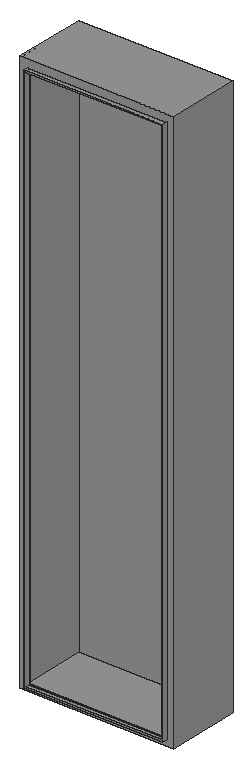
Revit family "Hager-Univers-IP30-D160-1x7rows-Cl.II-FWQ_encl_QS-NoHosted-NL-en", category Equipement électrique, Revit 2020
Family settings
  Configuration du panneau = Deux colonnes, circuits au sein
  Cote de connecteur circulaire = Utiliser le diamètre
  Type d'élément = Tableau de raccordement
  Basée sur le plan de construction = Oui
  Toujours verticalement = Oui
  Couper avec des vides une fois chargée = Non
  Partagée = Non
  Point de calcul de pièce = Non
Parameters (values of type "Surface mounted (plaster) IP30 W300 H1100 D160  - FWQ71D1")
  Width Control [instance] = if([EF000008 - Width] > Min Width, [EF000008 - Width], Min Width)  # 300 mm
  Commentaires du type = [HG000003 - Range]  # "Univers"
  Thickness Door [instance] = if([EF009171 - Material plate thickness door/cover] > 3 mm, 3 mm, [EF009171 - Material plate thickness door/cover])  # 2 mm
  Seal Frame Offset [instance] = 17 mm  # constant formula
  Plinth Visibility [instance] = [HG000027 - Plinth height] > 0 mm  # no
  Min Width [instance] = 100 mm  # constant formula
  Min Depth [instance] = (2 * [EF009170 - Material plate thickness cabinet]) + 1 mm  # 5 mm
  Min Height [instance] = 100 mm  # constant formula
  Internal Frame Depth [instance] = (Door System Depth * 0.5)  # 9 mm
  Panel Name [instance] = ""  # (empty or 0)
  Model = ""
  HG000027 - Plinth height = 0 mm
  HG000026 - Floor standing = no
  HG000024 - Bottom section height = 600 mm
  HG000023 - Double section enclosure = no
  HG000016 - Door 3d visibility [instance] = yes
  HG000015 - Clearance visibility [instance] = no
  HG000014 - Door on the right [instance] = yes
  HG000013 - Door on the left [instance] = not([HG000014 - Door on the right])  # no
  HG000012 - Door swing angle [instance] = 30.00°
  HG000010 - Asymmetric doors = no
  HG000009 - Double swing door = no
  HG000006 - Flush mounted = no
  HG000004 - Manufacturer reference = "FWQ71D1"
  HG000003 - Range = "Univers"
  HG000002 - With door or cover = no
  Frame Offset Bottom [instance] = 10 mm  # constant formula
  Frame Offset [instance] = 15 mm  # constant formula
  EF015940 - Cover with overpressure release = no
  EF011959 - Degree of protection (NEMA) = ""
  EF009554 - Number of openings for flange plates = 2
  EF009212 - Cover model = "EV009916 - With notch"
  EF009171 - Material plate thickness door/cover = 2 mm
  EF009170 - Material plate thickness cabinet = 2 mm
  EF008873 - Nominal current (In) = 125 A
  EF007800 - Suitable for lightning protection = no
  EF006306 - With lock = no
  EF006244 - Transparent cover/door = no
  EF005474 - Degree of protection (IP) = "EV006410 - IP30"
  EF004464 - Type of door = "EV002646 - Single"
  EF004427 - Number of modules = 84
  EF004293 - Impact strength = ""
  EF003532 - Suitable for outdoor use = no
  EF002950 - Width in number of modular spacings = 12
  EF001613 - Circuit integrity = "EV000494 - None"
  EF001596 - Material housing = "EV000179 - Steel"
  EF001131 - Internal depth = 160 mm
  EF001088 - Extension possible = yes
  EF000437 - Number of conduit inlets = 4
  EF000339 - Type of cover = "EV001012 - Cover"
  EF000266 - Number of rows = 7
  EF000218 - Built-in depth = 0 mm
  EF000118 - With mounting plate = yes
  EF000116 - RAL-number = "9010"
  EF000049 - Depth = 160 mm
  EF000040 - Height = 1100 mm
  EF000008 - Width = 300 mm
  EF000007 - Colour = "EV000202 - White"
  EF000003 - Mounting method = "EV000384 - Surface mounted (plaster)"
  Door System Leaf Tolerance [instance] = 1.5 mm  # constant formula
  Door System Depth [instance] = 18 mm  # constant formula
  Door Height [instance] = Height Control - [HG000027 - Plinth height]  # 1100 mm
  Description = ""
  Default Elevation = 1219.2 mm
  Connector Offset [instance] = Height Control / 2  # 550 mm
  Fabricant = "Hager"  # constant formula
  Height Control [instance] = if([EF000040 - Height] > Min Height, [EF000040 - Height], Min Height)  # 1100 mm
  Depth Control [instance] = if([EF000049 - Depth] > Min Depth, [EF000049 - Depth], Min Depth)  # 160 mm
  Bottom Top Plate Trim [instance] = 1.5 mm  # constant formula
  Plinth height Ctrl [instance] = if([HG000027 - Plinth height] > 0 mm, [HG000027 - Plinth height], 12 mm)  # 12 mm
Reference planes
  plane 1 "Center (Front/Back)": y = 0
  plane 2: z = 0
  plane 3 "Center (Left/Right)": x = 0
  plane 4: y = 0
  plane 5: y = 0
  plane 6: z = 0
  plane 7: x = -150
  plane 8: x = 150
  plane 9: x = 148
  plane 10: x = -148
  plane 11: z = 0
  plane 12: z = 2
  plane 13: y = -160
  plane 14: y = -2
  plane 15: x = 0
  plane 16: y = -142
  plane 17: y = -158
  plane 18: y = -140
  plane 19: x = -133
  plane 20: x = 133
  plane 21: z = 12
  plane 22: x = -133
  plane 23: x = 133
  plane 24: z = 0
  plane 25: z = 1100
  plane 26: z = 1100
  plane 27: z = 1083
  plane 28: z = 1098
Forms (mm)
  Extrusion 1, solid, material "Hager_Steel_RAL7035_Light_Grey", detail levels medium+fine
    sketch origin (-208.679, -4572, 0) x (-1, 0, 0) y (0, -1, 0)
      loop
        line (-58.679, -4430) -> (-358.679, -4430) -> (-358.679, -4572) -> (-58.679, -4572) -> (-58.679, -4430)
    from 0 to 1100
  Extrusion 2, void
    sketch origin (-350.771, -160, 1219.2) x (1, 0, 0) y (0, 0, 1)
      loop
        line (202.771, -121.2) -> (202.771, -1217.2) -> (498.771, -1217.2) -> (498.771, -121.2) -> (202.771, -121.2)
    from -20 to -158
  Extrusion 3, void
    sketch origin (-290.084, -142, 1219.2) x (1, 0, 0) y (0, 0, 1)
      loop
        line (157.084, -1207.2) -> (423.084, -1207.2) -> (423.084, -136.2) -> (157.084, -136.2) -> (157.084, -1207.2)
    from 0 to -2
  Extrusion 4, solid, material "Hager_Steel_RAL7035_Light_Grey", visible <- "Plinth Visibility", detail levels medium+fine
    sketch origin (0, 0, 0) x (1, 0, 0) y (0, 1, 0)
      loop
        line (-150, 0) -> (-150, -142) -> (150, -142) -> (150, 0) -> (-150, 0)
    from 0 to 12 <- "Plinth height Ctrl"
  Extrusion 5, solid, material "Hager_Steel_RAL7035_Light_Grey", detail levels coarse
    sketch origin (0, 0, 0) x (1, 0, 0) y (0, 1, 0)
      loop
        line (-150, 0) -> (-150, -160) -> (150, -160) -> (150, 0) -> (-150, 0)
    from 0 to 1100 <- "Height Control"
  Sweep 6, void
    path in 3D
      loop
        line (-150, -142, 12) -> (150, -142, 12) -> (150, 0, 12) -> (-150, 0, 12) -> (-150, -142, 12)
    profile origin (-150, -71, 12) x (1, 0, 0) y (0, 0, 1)
      loop
        line (0, 0) -> (0, -1.5) -> (1.5, -1.5)
        arc (1.5, -1.5) -> (1.061, -0.439) -> (0, 0) r 1.5
  Extrusion 7, solid, material "Hager_Steel_RAL7035_Light_Grey", detail levels fine
    sketch origin (-150, -142, 0) x (1, 0, 0) y (0, 0, 1)
      loop
        line (17, 12) -> (283, 12) -> (283, 1083) -> (17, 1083) -> (17, 12)
      loop
        line (15, 10) -> (285, 10) -> (285, 1085) -> (15, 1085) -> (15, 10)
    from 0 to 9 <- "Internal Frame Depth"
Cuts and joins
  Extrusion 2, Extrusion 3 cuts Extrusion 1
  Sweep 6 cuts Extrusion 4
Lines and regions (mm)
  Masking region 1
    outline origin (0, 0, 0) x (1, 0, 0) y (0, 1, 0)
      loop
        line (-150, 0) -> (-150, -160) -> (150, -160) -> (150, 0) -> (-150, 0)
  Masking region 2, detail levels coarse
    outline origin (-290.084, -142, 1219.2) x (-1, 0, 0) y (0, 0, 1)
      loop
        line (-440.084, -1219.2) -> (-140.084, -1219.2) -> (-140.084, -119.2) -> (-440.084, -119.2) -> (-440.084, -1219.2)
  Masking region 3, detail levels coarse
    outline origin (0, 0, 0) x (0, 1, 0) y (0, 0, 1)
      loop
        line (0, 0) -> (0, 1100) -> (-160, 1100) -> (-160, 0) -> (0, 0)
  Masking region 4, visible <- "Plinth Visibility", detail levels medium+fine
    outline origin (0, 0, 0) x (0, 1, 0) y (0, 0, 1)
      loop
        line (-1.5, 12) -> (-140.5, 12)
        arc (-140.5, 12) -> (-140.939, 10.939) -> (-142, 10.5) r 1.5
        line (-142, 10.5) -> (-142, 0) -> (0, 0) -> (0, 10.5)
        arc (0, 10.5) -> (-1.061, 10.939) -> (-1.5, 12) r 1.5
  Masking region 5, detail levels medium+fine
    outline origin (0, 0, 594.038) x (0, 1, 0) y (0, 0, 1)
      loop
        line (0, -594.038) -> (0, 505.962) -> (-142, 505.962) -> (-142, -594.038) -> (0, -594.038)
  Masking region 6, detail levels medium+fine
    outline origin (-359.7, -142, 1211.883) x (-1, 0, 0) y (0, 0, 1)
      loop
        line (-509.7, -1211.883) -> (-209.7, -1211.883) -> (-209.7, -111.883) -> (-509.7, -111.883) -> (-509.7, -1211.883)
  Masking region 7, visible <- "Plinth Visibility", detail levels medium+fine
    outline origin (-320.334, -142, 1041.368) x (-1, 0, 0) y (0, 0, 1)
      loop
        line (-470.334, -1041.368) -> (-170.334, -1041.368) -> (-170.334, -1030.868)
        arc (-170.334, -1030.868) -> (-171.394, -1030.429) -> (-171.834, -1029.368) r 1.5
        line (-171.834, -1029.368) -> (-468.834, -1029.368)
        arc (-468.834, -1029.368) -> (-469.273, -1030.429) -> (-470.334, -1030.868) r 1.5
        line (-470.334, -1030.868) -> (-470.334, -1041.368)
  sketch lines
    curve 1: line (-150, 0, 12) -> (-150, -142, 12)
    curve 2: line (-150, -142, 12) -> (150, -142, 12)
    curve 3: line (150, 0, 12) -> (-150, 0, 12)
    curve 4: line (150, -142, 12) -> (150, 0, 12)
Dimensions and locks
  locked: plane 1 "Center (Front/Back)" to plane 5
  "EF009170 - Material plate thickness cabinet": plane 7 to plane 10
  "EF009170 - Material plate thickness cabinet": plane 8 to plane 9
  equal spacing: plane 7, plane 3 "Center (Left/Right)", plane 8
  "Width Control": plane 7 to plane 8
  "Depth Control": plane 4 to plane 13
  "EF009170 - Material plate thickness cabinet": plane 4 to plane 14
  "Height Control": plane 25 to level
  "HG000027 - Plinth height": plane 11 to level
  "EF009170 - Material plate thickness cabinet": plane 12 to plane 11
  "EF009170 - Material plate thickness cabinet": plane 17 to plane 13
  "EF009170 - Material plate thickness cabinet": plane 18 to plane 16
  "Frame Offset Bottom": plane 21 to plane 12
  "Frame Offset": plane 10 to plane 19
  "Frame Offset": plane 9 to plane 20
  "Door System Depth": plane 16 to plane 13
  "Seal Frame Offset": plane 7 to plane 22
  "Seal Frame Offset": plane 8 to plane 23
  "EF009170 - Material plate thickness cabinet": plane 26 to plane 28
  "Frame Offset": plane 28 to plane 27
  "Connector Offset": plane 2 to connector elem
  "Bottom Top Plate Trim": profile plane to Sweep 6 sketch curve
  "Bottom Top Plate Trim": Sweep 6 sketch curve to Sweep 6 sketch curve
  "Plinth height Ctrl": Masking region 4 sketch curve to level
  "Plinth height Ctrl": Masking region 7 sketch curve to level
  "Thickness Door": Extrusion 7 sketch curve to Extrusion 7 sketch curve  (x4)
  "Bottom Top Plate Trim": radius of Sweep 6 sketch curve
  "Bottom Top Plate Trim": radius of Masking region 4 sketch curve  (x2)
  "Bottom Top Plate Trim": radius of Masking region 7 sketch curve  (x2)
  aligned and locked: plane 12 to Extrusion 2 sketch curve
  aligned and locked: Extrusion 2 sketch curve to plane 9
  aligned and locked: Extrusion 2 sketch curve to plane 10
  aligned and locked: plane 14 to Extrusion 2
  aligned and locked: plane 4 to Extrusion 1 sketch curve
  aligned and locked: plane 8 to Extrusion 1 sketch curve
  aligned and locked: plane 7 to Extrusion 1 sketch curve
  aligned and locked: Extrusion 2 to plane 18
  aligned and locked: Extrusion 3 sketch curve to plane 19
  aligned and locked: plane 20 to Extrusion 3 sketch curve
  aligned and locked: Extrusion 3 to Extrusion 2
  aligned and locked: Extrusion 3 sketch curve to plane 21
  aligned and locked: plane 3 "Center (Left/Right)" to nested 1
  aligned and locked: Extrusion 1 sketch curve to plane 16
  aligned and locked: Extrusion 4 sketch curve to cut or joined group of Extrusion 1, Extrusion 2, Extrusion 3
  aligned and locked: Masking region 1 sketch curve to plane 7
  aligned and locked: Masking region 1 sketch curve to plane 5
  aligned and locked: Masking region 1 sketch curve to plane 8
  aligned and locked: Masking region 2 sketch curve to level
  aligned and locked: level to Masking region 3 sketch curve
  aligned and locked: plane 1 "Center (Front/Back)" to Masking region 3 sketch curve
  aligned and locked: plane 13 to Masking region 3 sketch curve
  aligned and locked: plane 5 to Masking region 4 sketch curve
  aligned and locked: Masking region 2 sketch curve to plane 8
  aligned and locked: Masking region 2 sketch curve to plane 7
  aligned and locked: plane 7 to nested 2
  aligned and locked: nested 2 to plane 5
  aligned and locked: plane 5 to Masking region 5 sketch curve
  aligned and locked: plane 26 to Masking region 5 sketch curve
  aligned and locked: Extrusion 5 sketch curve to plane 8
  aligned and locked: Extrusion 5 sketch curve to plane 7
  aligned and locked: Extrusion 5 sketch curve to plane 5
  aligned and locked: plane 27 to Extrusion 3 sketch curve
  aligned and locked: Extrusion 2 sketch curve to plane 28
  aligned and locked: Masking region 2 to plane 25
  aligned and locked: Extrusion 4 to plane 16
  aligned and locked: profile plane to Sweep 6 sketch curve
  aligned and locked: Masking region 5 sketch curve to plane 24
  aligned and locked: level to Masking region 4 sketch curve
  aligned and locked: Masking region 1 to plane 13
  aligned and locked: nested 1 to plane 16
  aligned and locked: Masking region 3 to plane 25
  aligned and locked: plane 16 to Masking region 4 sketch curve
  aligned and locked: Masking region 5 sketch curve to plane 16
  aligned and locked: plane 24 to plane 11
  aligned and locked: plane 26 to plane 25
  aligned and locked: plane 26 to cut or joined group of Extrusion 1, Extrusion 2, Extrusion 3
  aligned and locked: nested 1 to plane 24
  aligned and locked: Extrusion 1 to Extrusion 3
  aligned and locked: Masking region 6 sketch curve to plane 8
  aligned and locked: plane 24 to Masking region 6 sketch curve
  aligned and locked: Masking region 6 sketch curve to plane 7
  aligned and locked: Masking region 6 sketch curve to plane 26
  aligned and locked: Masking region 7 sketch curve to plane 7
  aligned and locked: level to Masking region 7 sketch curve
  aligned and locked: Masking region 7 sketch curve to plane 8
  aligned and locked: Extrusion 7 sketch curve to cut or joined group of Extrusion 1, Extrusion 2, Extrusion 3  (x4)
Automatic sketch dimensions
  plane 19 to Extrusion 3 sketch curve = 0 mm
  Extrusion 3 sketch curve to plane 20 = 0 mm
  Extrusion 3 sketch curve to plane 21 = 0 mm
  Extrusion 4 sketch curve to plane 7 = 0 mm
  Extrusion 4 sketch curve to plane 8 = 0 mm
  Extrusion 4 sketch curve to plane 16 = 0 mm
  Masking region 1 sketch curve to plane 13 = 0 mm
  Masking region 2 sketch curve to plane 25 = 0 mm
  Masking region 3 sketch curve to plane 25 = 0 mm
  Extrusion 5 sketch curve to plane 13 = 0 mm
  profile plane to Sweep 6 sketch curve = 0 mm
Nested families
  nested 1: "EC000058_Univers_Door" at (0, -142, 0), Double <- "HG000009 - Double swing door", Transparent <- "EF006244 - Transparent cover/door", Angle <- "HG000012 - Door swing angle", Door_Right <- "HG000014 - Door on the right", Assymetrical <- "HG000010 - Asymmetric doors", Door <- "HG000002 - With door or cover", Width_Ctrl <- "Width Control", 3d_Door <- "HG000016 - Door 3d visibility", Clearance <- "HG000015 - Clearance visibility", Door_Left <- "HG000013 - Door on the left", Width <- "Width Control", Door_Depth <- "Door System Depth", Leaf_Tolerance <- "Door System Leaf Tolerance", Height <- "Door Height", Lock_Visibility <- "EF006306 - With lock", Thickness <- "Thickness Door", type "EC000058_Univers_Door", detail levels medium+fine
    with min_wh 5 mm, Width_Ctrl 300 mm, Width 300 mm, Transparent no, Thickness 2 mm, Seal_Material Hager_Rubber, Lock_Visibility no, Lock_Material Hager_Plastic_RAL9005_Jet_Black, Leaf_Width 300 mm, Leaf_Tolerance_External_Sides 0 mm, Leaf_Tolerance 1.5 mm, Leaf_Offset 0 mm, Leaf_Height 1097 mm, Leaf_2_Width 300 mm, Leaf_2_Offset 150 mm, Leaf_1_Width 300 mm, Leaf_1_Offset 150 mm, Height_Ctrl 1100 mm, Height 1100 mm, Glass_Material Hager_Glass, Double_Clearance_Ctrl no, Double no, Door_Right_Ctrl no, Door_Right yes, Door_Material Hager_Steel_RAL7035_Light_Grey, Door_Left_Ctrl no, Door_Left no, Door_Depth 18 mm, Door no, Clearance_Material Hager_Clearance, Clearance_Depth 300 mm, Clearance_Ctrl no, Clearance no, Assymetrical no, Angle 30.00°, 3d_Door yes
  nested 2: "Hager_Enclosure_Symbol" at (-150, 0, 0), Height <- "Depth Control", Width <- "Width Control", type "Hager_Enclosure_Symbol"
    with Width_Ctrl 300 mm, Width 300 mm, Height_Ctrl 160 mm, Height 160 mm, A_Width_Int 10.5 mm, A_Width 126 mm, A_Height_Ctrl 140 mm, A_Height 140 mm
Connectors
  electrical at (0, 0, 550)
    settings: on plane 1 "Center (Front/Back)", index 1, voltage 0 V, apparent load 0 VA, apparent load phase1 0 VA, apparent load phase2 0 VA, apparent load phase3 0 VA, power factor 1, load classification "Other", number of poles 1, system type 30, power factor state 1, is connector primary yes, connector utility no, sub classification motor no, connector description ""
Definition of nested family "EC000058_Univers_Door"
  Parameters (values of type "EC000058_Univers_Door")
    min_wh [instance] = (2 * Thickness) + 1 mm  # 11 mm
    Width_Ctrl [instance] = 400 mm
    Width [instance] = 500 mm
    Transparent [instance] = yes
    Thickness [instance] = 5 mm
    Seal_Material [instance] = none
    Lock_Visibility [instance] = yes
    Lock_Material [instance] = none
    Leaf_Width [instance] = if((Width_Ctrl - 2 * Leaf_Tolerance_External_Sides) > 0 mm, (Width_Ctrl - 2 * Leaf_Tolerance_External_Sides), min_wh)  # 400 mm
    Leaf_Tolerance_External_Sides [instance] = 0 mm  # constant formula
    Leaf_Tolerance [instance] = 1.5 mm
    Leaf_Offset [instance] = 0 mm  # constant formula
    Leaf_Height [instance] = if((Height_Ctrl - 2 * Leaf_Tolerance) > 0 mm, (Height_Ctrl - 2 * Leaf_Tolerance), min_wh)  # 497 mm
    Leaf_2_Width [instance] = if(and(and(Double, Assymetrical), Door_Left), (Leaf_Width / 3) - (Leaf_Tolerance / 2), if(and(and(Double, Assymetrical), Door_Right), (Leaf_Width / 3) * 2 - (Leaf_Tolerance / 2), if(and(Double, not(Assymetrical)), (Leaf_Width / 2) - Leaf_Tolerance, Leaf_Width)))  # 400 mm
    Leaf_2_Offset [instance] = if(and(Double, Assymetrical), Leaf_2_Width / 2, if(and(Double, not(Assymetrical)), Leaf_Width / 4, Leaf_Width / 2))  # 200 mm
    Leaf_1_Width [instance] = if(and(and(Double, Assymetrical), Door_Right), (Leaf_Width / 3) - (Leaf_Tolerance / 2), if(and(and(Double, Assymetrical), Door_Left), (Width / 3) * 2 - (Leaf_Tolerance / 2), if(and(Double, not(Assymetrical)), (Leaf_Width / 2) - Leaf_Tolerance, Leaf_Width)))  # 400 mm
    Leaf_1_Offset [instance] = if(and(Double, Assymetrical), Leaf_1_Width / 2, if(and(Double, not(Assymetrical)), Leaf_Width / 4, Leaf_Width / 2))  # 200 mm
    Height_Ctrl [instance] = if(Height > min_wh, Height, min_wh)  # 500 mm
    Height [instance] = 500 mm
    Glass_Material [instance] = none
    Double_Clearance_Ctrl [instance] = and(Double, Clearance)  # no
    Double [instance] = no
    Door_Right_Ctrl [instance] = and(or(Door_Right, Double), Door)  # yes
    Door_Right [instance] = yes
    Door_Material [instance] = none
    Door_Left_Ctrl [instance] = and(or(Door_Left, Double), Door)  # no
    Door_Left [instance] = no
    Door_Depth [instance] = 30 mm
    Door [instance] = yes
    Default Elevation = 1219.2 mm
    Clearance_Material [instance] = none
    Clearance_Depth [instance] = if(Leaf_1_Width > Leaf_2_Width, Leaf_1_Width, Leaf_2_Width)  # 400 mm
    Clearance_Ctrl [instance] = and(not(Double), Clearance)  # yes
    Clearance [instance] = yes
    Assymetrical [instance] = yes
    Angle [instance] = 30.00°
    3d_Door [instance] = yes
  Reference planes
    plane 1 "Center (Front/Back)": y = 0
    plane 2 "Bottom": z = 0
    plane 3 "Center (Left/Right)": x = 0
    plane 4: z = 500
    plane 5: x = -200
    plane 6: x = 200
    plane 7: z = 500
    plane 8: x = -200
    plane 9: z = 0
    plane 10: x = 200
    plane 11: y = 0
    plane 12: z = 1.5
    plane 13: x = -600
    plane 14: y = -400
    plane 15: x = 600
    plane 16: x = 0
    plane 17: x = 0
    plane 18: x = -200
    plane 19: x = 200
    plane 20: z = 498.5
  Forms (mm)
    Extrusion 1, solid, material <- "Clearance_Material", visible <- "Double_Clearance_Ctrl"
      sketch origin (1200, 0, 0) x (1, 0, 0) y (0, 0, -1)
        loop
          line (-1800, -498.5) -> (-600, -498.5) -> (-600, 0) -> (-1800, 0) -> (-1800, -498.5)
      from 0 to -400
  Dimensions and locks
    equal spacing: plane 5, plane 3 "Center (Left/Right)", plane 6
    "Width_Ctrl": plane 5 to plane 6
    "Leaf_Offset": plane 5 to plane 8
    "Leaf_Offset": plane 6 to plane 10
    "Leaf_Offset": plane 9 to level
    "Leaf_Offset": plane 4 to plane 7
    "Height_Ctrl": plane 4 to level
    "Leaf_Tolerance": plane 12 to plane 9
    locked: plane 11 to plane 1 "Center (Front/Back)"
    "Leaf_1_Offset": plane 18 to plane 16
    "Leaf_2_Offset": plane 17 to plane 19
    "Leaf_1_Width": plane 13 to plane 8
    "Leaf_2_Width": plane 10 to plane 15
    "Clearance_Depth": plane 14 to plane 1 "Center (Front/Back)"
    "Leaf_Tolerance_External_Sides": plane 8 to plane 18
    "Leaf_Tolerance_External_Sides": plane 19 to plane 10
    "Leaf_Tolerance": plane 7 to plane 20
    aligned and locked: level to plane 2 "Bottom"
    aligned and locked: nested 1 to plane 16
    aligned and locked: nested 2 to plane 17
    aligned and locked: Extrusion 1 to plane 13
    aligned and locked: plane 15 to Extrusion 1
    aligned and locked: Extrusion 1 to plane 14
    aligned and locked: plane 12 to nested 1
    aligned and locked: nested 2 to plane 12
    aligned and locked: Extrusion 1 to plane 11
    aligned and locked: plane 20 to Extrusion 1
    aligned and locked: nested 2 to plane 11
    aligned and locked: nested 1 to plane 11
  Automatic sketch dimensions
    Extrusion 1 sketch curve to level = 0 mm
    plane 5 to Extrusion 1 sketch curve = 400 mm
    plane 6 to Extrusion 1 sketch curve = 400 mm
    Extrusion 1 sketch curve to plane 4 = 1.5 mm
  Nested families
    nested 1: "EC000058_Univers_Door_Leaf" at (0, 0, 1.5), Width <- "Leaf_1_Width", visible <- "Door_Left_Ctrl", Leaf_Height <- "Leaf_Height", Angle <- "Angle", 3d_Door <- "3d_Door", Transparent <- "Transparent", Clearance Material <- "Clearance_Material", Clearance <- "Clearance_Ctrl", Door_Material <- "Door_Material", Glass_Material <- "Glass_Material", Door_Depth <- "Door_Depth", Lock_Material <- "Lock_Material", Seal_Material <- "Seal_Material", Lock_Visibility <- "Lock_Visibility", Thickness <- "Thickness", type "EC000058_Univers_Door_Leaf"
      with Width 400 mm, Transparent_Glass_Offset 30 mm, Transparent_Ctrl yes, Transparent yes, Thickness 5 mm, Standard no, Seal_Material none, Seal_D2 8 mm, Seal_D1 1 mm, Offset_Internal_Frame 10 mm, Lock_Width 20 mm, Lock_Visibility_3d yes, Lock_Visibility yes, Lock_Thickness_3 3 mm, Lock_Thickness_2 1 mm, Lock_Thickness_1 3 mm, Lock_Radius_Offset_2 16 mm, Lock_Radius_Offset_1 15 mm, Lock_Radius_2 5 mm, Lock_Radius 6 mm, Lock_Offset 5 mm, Lock_Material none, Lock_Height 80 mm, Lock_Cover_Top_Offset_2d 17 mm, Lock_Cover_Height -65 mm, Leaf_Height 497 mm, Internal_Seal_Thickness 8 mm, Internal_Seal_Depth_2 4.5 mm, Internal_Frame_Depth 25 mm, Glass_Thickness -1 mm, Glass_Offset -2 mm, Glass_Material none, Door_Material none, Door_Depth 30 mm, Clearance Material none, Clearance yes, Angle_Ctrl 30.00°, Angle 30.00°, 3d_Door yes
    nested 2: "EC000058_Univers_Door_Leaf" at (0, 0, 1.5) x (-1, 0, 0) z (0, 0, 1), Width <- "Leaf_2_Width", visible <- "Door_Right_Ctrl", Leaf_Height <- "Leaf_Height", Angle <- "Angle", 3d_Door <- "3d_Door", Transparent <- "Transparent", Clearance Material <- "Clearance_Material", Clearance <- "Clearance_Ctrl", Door_Material <- "Door_Material", Glass_Material <- "Glass_Material", Door_Depth <- "Door_Depth", Lock_Material <- "Lock_Material", Seal_Material <- "Seal_Material", Lock_Visibility <- "Lock_Visibility", Thickness <- "Thickness", type "EC000058_Univers_Door_Leaf"
      with Width 400 mm, Transparent_Glass_Offset 30 mm, Transparent_Ctrl yes, Transparent yes, Thickness 5 mm, Standard no, Seal_Material none, Seal_D2 8 mm, Seal_D1 1 mm, Offset_Internal_Frame 10 mm, Lock_Width 20 mm, Lock_Visibility_3d yes, Lock_Visibility yes, Lock_Thickness_3 3 mm, Lock_Thickness_2 1 mm, Lock_Thickness_1 3 mm, Lock_Radius_Offset_2 16 mm, Lock_Radius_Offset_1 15 mm, Lock_Radius_2 5 mm, Lock_Radius 6 mm, Lock_Offset 5 mm, Lock_Material none, Lock_Height 80 mm, Lock_Cover_Top_Offset_2d 17 mm, Lock_Cover_Height -65 mm, Leaf_Height 497 mm, Internal_Seal_Thickness 8 mm, Internal_Seal_Depth_2 4.5 mm, Internal_Frame_Depth 25 mm, Glass_Thickness -1 mm, Glass_Offset -2 mm, Glass_Material none, Door_Material none, Door_Depth 30 mm, Clearance Material none, Clearance yes, Angle_Ctrl 30.00°, Angle 30.00°, 3d_Door yes
  Definition of nested family "EC000058_Univers_Door_Leaf"
    Parameters (values of type "EC000058_Univers_Door_Leaf")
      Width [instance] = 2000 mm
      Transparent_Glass_Offset [instance] = 30 mm
      Transparent_Ctrl [instance] = and(Transparent, [3d_Door])  # yes
      Transparent [instance] = yes
      Thickness [instance] = 5 mm
      Standard [instance] = and(not(Transparent), [3d_Door])  # no
      Seal_Material [instance] = none
      Seal_D2 [instance] = 8 mm  # constant formula
      Seal_D1 [instance] = 1 mm  # constant formula
      Offset_Internal_Frame [instance] = 10 mm  # constant formula
      Lock_Width [instance] = 20 mm  # constant formula
      Lock_Visibility_3d [instance] = and(Lock_Visibility, [3d_Door])  # yes
      Lock_Visibility [instance] = yes
      Lock_Thickness_3 [instance] = 3 mm  # constant formula
      Lock_Thickness_2 [instance] = 1 mm  # constant formula
      Lock_Thickness_1 [instance] = 3 mm  # constant formula
      Lock_Radius_Offset_2 [instance] = Lock_Radius_Offset_1 + 1 mm  # 16 mm
      Lock_Radius_Offset_1 [instance] = 15 mm  # constant formula
      Lock_Radius_2 [instance] = Lock_Radius - 1 mm  # 5 mm
      Lock_Radius [instance] = 6 mm  # constant formula
      Lock_Offset [instance] = 5 mm  # constant formula
      Lock_Material [instance] = none
      Lock_Height [instance] = 80 mm  # constant formula
      Lock_Cover_Top_Offset_2d [instance] = Lock_Radius_Offset_2 + 1 mm  # 17 mm
      Lock_Cover_Height [instance] = -(Lock_Height - Lock_Radius_Offset_1)  # -65 mm
      Leaf_Height [instance] = 2720.336 mm
      Internal_Seal_Thickness [instance] = 8 mm  # constant formula
      Internal_Seal_Depth_2 [instance] = 4.5 mm  # constant formula
      Internal_Frame_Depth [instance] = if(Door_Depth - Thickness > 5 mm, Door_Depth - Thickness, 5 mm)  # 25 mm
      Glass_Thickness [instance] = if(Thickness > 15 mm, Glass_Offset + 10 mm, -1 mm)  # -1 mm
      Glass_Offset [instance] = if(Thickness > 15 mm, -(Thickness + 10 mm) / 2, -2 mm)  # -2 mm
      Glass_Material [instance] = none
      Door_Material [instance] = none
      Door_Depth [instance] = 30 mm
      Default Elevation = 0 mm
      Clearance Material [instance] = none
      Clearance [instance] = yes
      Angle_Ctrl [instance] = if(Angle > 180.00°, 180.00°, Angle)  # 90.00°
      Angle [instance] = 90.00°
      3d_Door [instance] = yes
    Reference planes
      plane 1 "Center (Front/Back)": y = 0
      plane 2: z = 0
      plane 3 "Center (Left/Right)": x = 0
      plane 4: y = 2000
      plane 5: x = -1000
      plane 6: x = 1000
      plane 7: x = -3000
      plane 8: z = 2720.336
      plane 9: z = 30
      plane 10: z = 2690.336
      plane 11: x = 970
      plane 12: x = -970
      plane 13: y = -3
      plane 14: z = 107.833
      plane 15: y = -5
      plane 16: y = -223.314
      plane 17: x = -1000
      plane 18: z = 1360.168
      plane 19: y = 30
    Forms (mm)
      Extrusion 1, solid, material <- "Clearance Material", visible <- "Clearance"
        sketch origin (0, 0, 0) x (1, 0, 0) y (0, 0, 1)
          loop
            line (-3000, 2720.336) -> (-3000, 0) -> (1000, 0) -> (1000, 2720.336) -> (-3000, 2720.336)
        from 0 to -2000
      Extrusion 2, solid, material <- "Door_Material", visible <- "Standard", detail levels medium+fine
        sketch origin (-1000, 0, 0) x (0, 1, 0) y (-1, 0, 0)
          loop
            line (0, 30) -> (0, 25) -> (2000, 25) -> (2000, 30) -> (0, 30)
        from 0 to 2720.336 <- "Leaf_Height"
      Extrusion 3, solid, material <- "Door_Material", visible <- "Transparent_Ctrl", detail levels medium+fine
        sketch origin (-1000, 0, 0) x (0, 1, 0) y (-1, 0, 0)
          loop
            line (0, 25) -> (2000, 25) -> (2000, 30) -> (0, 30) -> (0, 25)
        from 0 to 2720.336 <- "Leaf_Height"
      Extrusion 4, void
        sketch origin (-1025, 2000, 0) x (0, 1, 0) y (0, 0, -1)
          loop
            line (-30, -2690.336) -> (-30, -30) -> (-1970, -30) -> (-1970, -2690.336) -> (-30, -2690.336)
        from 0 to 5 <- "Thickness"
      Sweep 5, solid, material <- "Seal_Material", visible <- "Transparent_Ctrl", detail levels fine
        path in 3D
          loop
            line (-1025, 30, 30) -> (-1025, 30, 2690.336) -> (-1025, 1970, 2690.336) -> (-1025, 1970, 30) -> (-1025, 30, 30)
        profile origin (-1025, 1000, 30) x (1, 0, 0) y (0, 0, 1)
          loop
            line (0, 0) -> (0, -8) -> (1, -8) -> (1, 0) -> (0, 0)
      Extrusion 6, solid, material <- "Glass_Material", visible <- "Transparent_Ctrl", detail levels medium+fine
        sketch origin (-1030, 0, 0) x (0, 1, 0) y (0, 0, -1)
          loop
            line (1970, -2690.336) -> (1970, -30) -> (30, -30) -> (30, -2690.336) -> (1970, -2690.336)
        from -2 <- "Glass_Offset" to -1 <- "Glass_Thickness"
      Extrusion 7, solid, material <- "Door_Material", visible <- "3d_Door", detail levels medium+fine
        sketch origin (-1025, 2000, 0) x (0, -1, 0) y (0, 0, -1)
          loop
            line (0, -2720.336) -> (2000, -2720.336) -> (2000, 0) -> (0, 0) -> (0, -2720.336)
          loop
            line (1995, -5) -> (5, -5) -> (5, -2715.336) -> (1995, -2715.336) -> (1995, -5)
        from 0 to 25 <- "Internal_Frame_Depth"
      Sweep 8, solid, material <- "Seal_Material", visible <- "Transparent_Ctrl", detail levels fine
        path in 3D
          loop
            line (-1025, 0, 0) -> (-1025, 2000, 0) -> (-1025, 2000, 2720.336) -> (-1025, 0, 2720.336) -> (-1025, 0, 0)
        profile origin (-1025, 0, 1360.168) x (1, 0, 0) y (0, 1, 0)
          loop
            line (0, 10) -> (2.975, 10)
            arc (2.975, 10) -> (4.053, 10.447) -> (4.5, 11.525) r 1.525
            line (4.5, 11.525) -> (4.5, 16.527)
            arc (4.5, 16.527) -> (4.069, 17.569) -> (3.027, 18) r 1.473
            line (3.027, 18) -> (0, 18) -> (0, 10)
      Extrusion 9, solid, material <- "Lock_Material", visible <- "Lock_Visibility_3d", detail levels fine
        sketch origin (-1030, 0, 0) x (0, 1, 0) y (0, 0, -1)
          loop
            arc (1993.5, -1400.168) -> (1994.561, -1399.729) -> (1995, -1398.668) r 1.5
            line (1995, -1398.668) -> (1995, -1320.168) -> (1975, -1320.168) -> (1975, -1398.668)
            arc (1975, -1398.668) -> (1975.439, -1399.729) -> (1976.5, -1400.168) r 1.5
            line (1976.5, -1400.168) -> (1993.5, -1400.168)
        from 3 <- "Lock_Thickness_1" to 0
      Blend 10, solid, material <- "Lock_Material", visible <- "Lock_Visibility_3d", detail levels fine
        base sketch origin (-1033, 0, 0) x (0, 1, 0) y (0, 0, -1)
          loop
            line (1975, -1320.168) -> (1975, -1398.668)
            arc (1975, -1398.668) -> (1975.439, -1399.729) -> (1976.5, -1400.168) r 1.5
            line (1976.5, -1400.168) -> (1993.5, -1400.168)
            arc (1993.5, -1400.168) -> (1994.561, -1399.729) -> (1995, -1398.668) r 1.5
            line (1995, -1398.668) -> (1995, -1320.168) -> (1975, -1320.168)
        top sketch origin (-1033, 0, 0) x (0, 1, 0) y (0, 0, -1)
          loop
            line (1976, -1320.168) -> (1976, -1398.668)
            arc (1976, -1398.668) -> (1976.146, -1399.022) -> (1976.5, -1399.168) r 0.5
            line (1976.5, -1399.168) -> (1993.5, -1399.168)
            arc (1993.5, -1399.168) -> (1993.854, -1399.022) -> (1994, -1398.668) r 0.5
            line (1994, -1398.668) -> (1994, -1320.168) -> (1976, -1320.168)
        from 0 to 1 <- "Lock_Thickness_2"
      Blend 11, solid, material <- "Lock_Material", visible <- "Lock_Visibility_3d", detail levels fine
        base sketch origin (-1034, 0, 0) x (0, 1, 0) y (0, 0, -1)
          loop
            line (1978, -1320.168) -> (1978, -1384.168)
            arc (1978, -1384.168) -> (1985, -1391.168) -> (1992, -1384.168) r 7
            line (1992, -1384.168) -> (1992, -1320.168) -> (1978, -1320.168)
        top sketch origin (-1034, 0, 0) x (0, 1, 0) y (0, 0, -1)
          loop
            line (1991, -1320.168) -> (1979, -1320.168) -> (1979, -1383.168)
            arc (1979, -1383.168) -> (1985, -1389.168) -> (1991, -1383.168) r 6
            line (1991, -1383.168) -> (1991, -1320.168)
        from 0 to 3 <- "Lock_Thickness_3"
      Extrusion 12, solid, material <- "Lock_Material", visible <- "Lock_Visibility_3d", detail levels fine
        sketch origin (-1030, 1975, 1320.168) x (1, 0, 0) y (0, -1, 0)
          loop
            line (-7, -19) -> (-7, -1) -> (0, -1) -> (0, 0) -> (-8, 0) -> (-8, -20) -> (0, -20) -> (0, -19) -> (-7, -19)
        from 0 to -65 <- "Lock_Cover_Height"
      Extrusion 13, void
        sketch origin (-1038, 1995, 1320.168) x (-1, 0, 0) y (0, 0, -1)
          loop
            line (-5, -65) -> (0, -65) -> (-5, -60) -> (-5, -65)
        from 0 to 20 <- "Lock_Width"
      Extrusion 14, void
        sketch origin (-1038, 1975, 1320.168) x (0, -1, 0) y (0, 0, -1)
          loop
            circle (-10, -15.995) r 6
          loop
            circle (-10, -15.995) r 5
        from 0 to 2
      Extrusion 15, solid, material <- "Lock_Material", visible <- "Lock_Visibility_3d", detail levels medium
        sketch origin (-1030, 0, 0) x (0, 1, 0) y (0, 0, -1)
          loop
            arc (1993.5, -1400.168) -> (1994.561, -1399.729) -> (1995, -1398.668) r 1.5
            line (1995, -1398.668) -> (1995, -1320.168) -> (1975, -1320.168) -> (1975, -1398.668)
            arc (1975, -1398.668) -> (1975.439, -1399.729) -> (1976.5, -1400.168) r 1.5
            line (1976.5, -1400.168) -> (1993.5, -1400.168)
        from 8 to 0
    Cuts and joins
      Extrusion 4 cuts Extrusion 3
      Extrusion 13, Extrusion 14 cuts Extrusion 9
      Extrusion 14 cuts Blend 11
      Extrusion 13, Extrusion 14 cuts Extrusion 12
      joined: Extrusion 9, Blend 10, Blend 11, Extrusion 12
      Extrusion 14 cuts Extrusion 15
    Lines and regions (mm)
      Masking region 1, visible <- "Lock_Visibility", detail levels fine
        outline origin (0, 0, 0) x (0, 1, 0) y (0, 0, 1)
          loop
            line (30, 1320.168) -> (33, 1320.168) -> (33, 1400.168) -> (30, 1400.168) -> (30, 1320.168)
      Masking region 2, visible <- "Lock_Visibility", detail levels fine
        outline origin (0, 3.143, 0) x (0, 1, 0) y (0, 0, 1)
          loop
            line (29.857, 1354.168) -> (30.857, 1354.168) -> (30.857, 1366.168) -> (29.857, 1366.168) -> (29.857, 1354.168)
      Masking region 3, detail levels medium+fine
        outline origin (0, 0, 0) x (0, 1, 0) y (0, 0, 1)
          loop
            line (0, 0) -> (30, 0) -> (30, 2720.336) -> (0, 2720.336) -> (0, 0)
      Masking region 4, detail levels medium+fine
        outline origin (0, 0, 0) x (1, 0, 0) y (0, 0, 1)
          loop
            line (-1000, 2720.336) -> (-1000, 0) -> (1000, 0) -> (1000, 2720.336) -> (-1000, 2720.336)
      Masking region 5, visible <- "Lock_Visibility", detail levels fine
        outline origin (-47.116, 0, 0) x (1, 0, 0) y (0, 0, 1)
          loop
            arc (1024.616, 1399.168) -> (1023.556, 1398.729) -> (1023.116, 1397.668) r 1.5
            line (1023.116, 1397.668) -> (1023.116, 1320.168) -> (1041.116, 1320.168) -> (1041.116, 1397.668)
            arc (1041.116, 1397.668) -> (1040.677, 1398.729) -> (1039.616, 1399.168) r 1.5
            line (1039.616, 1399.168) -> (1024.616, 1399.168)
      Masking region 6, visible <- "Lock_Visibility", detail levels medium+fine
        outline origin (-25, 0, 0) x (1, 0, 0) y (0, 0, 1)
          loop
            arc (1001.5, 1400.168) -> (1000.439, 1399.729) -> (1000, 1398.668) r 1.5
            line (1000, 1398.668) -> (1000, 1320.168) -> (1020, 1320.168) -> (1020, 1398.668)
            arc (1020, 1398.668) -> (1019.561, 1399.729) -> (1018.5, 1400.168) r 1.5
            line (1018.5, 1400.168) -> (1001.5, 1400.168)
      Masking region 7, visible <- "Lock_Visibility", detail levels fine
        outline origin (-73.735, 0, 0) x (1, 0, 0) y (0, 0, 1)
          loop
            line (1051.735, 1382.168) -> (1065.735, 1382.168) -> (1065.735, 1384.168)
            arc (1065.735, 1384.168) -> (1058.735, 1391.168) -> (1051.735, 1384.168) r 7
            line (1051.735, 1384.168) -> (1051.735, 1382.168)
      Masking region 8, visible <- "Lock_Visibility", detail levels fine
        outline origin (-73.735, 0, 0) x (1, 0, 0) y (0, 0, 1)
          loop
            line (1052.735, 1382.168) -> (1064.735, 1382.168) -> (1064.735, 1383.168)
            arc (1064.735, 1383.168) -> (1058.735, 1389.168) -> (1052.735, 1383.168) r 6
            line (1052.735, 1383.168) -> (1052.735, 1382.168)
      Masking region 9, visible <- "Lock_Visibility", detail levels fine
        outline origin (-25, 0, 0) x (1, 0, 0) y (0, 0, 1)
          loop
            line (1020, 1320.168) -> (1020, 1382.168) -> (1000, 1382.168) -> (1000, 1320.168) -> (1020, 1320.168)
      Masking region 10, detail levels medium+fine
        outline origin (0, 0, 0) x (1, 0, 0) y (0, 0, 1)
          loop
            circle (985, 1335.144) r 6
      Masking region 11, detail levels fine
        outline origin (0, 0, 0) x (1, 0, 0) y (0, 0, 1)
          loop
            circle (985, 1335.144) r 5
      Masking region 12, visible <- "Lock_Visibility", detail levels fine
        outline origin (0, 12.767, 0) x (0, 1, 0) y (0, 0, 1)
          loop
            line (20.233, 1320.168) -> (21.233, 1320.168) -> (21.233, 1399.168) -> (20.233, 1400.168) -> (20.233, 1320.168)
      Masking region 13, visible <- "Lock_Visibility", detail levels fine
        outline origin (0, 13.767, -10) x (0, 1, 0) y (0, 0, 1)
          loop
            line (20.233, 1330.168) -> (23.233, 1330.168) -> (23.233, 1399.168) -> (20.233, 1402.168) -> (20.233, 1330.168)
      Masking region 14, visible <- "Lock_Visibility", detail levels fine
        outline origin (0, 12.767, -10) x (0, 1, 0) y (0, 0, 1)
          loop
            line (20.233, 1330.168) -> (25.233, 1330.168) -> (25.233, 1399.305) -> (20.233, 1394.305) -> (20.233, 1330.168)
      Masking region 15, visible <- "Lock_Visibility", detail levels medium
        outline origin (0, 0, 0) x (0, 1, 0) y (0, 0, 1)
          loop
            line (30, 1320.168) -> (38, 1320.168) -> (38, 1400.168) -> (30, 1400.168) -> (30, 1320.168)
      Masking region 16, visible <- "Lock_Visibility", detail levels fine
        outline origin (-1000, 0, 0) x (0, 1, 0) y (-1, 0, 0)
          loop
            line (1975, 30) -> (1995, 30) -> (1995, 38) -> (1975, 38) -> (1975, 30)
          loop
            line (1979, 37) -> (1976, 37) -> (1976, 34) -> (1978, 34) -> (1979, 37)
          loop
            line (1994, 37) -> (1991, 37) -> (1992, 34) -> (1994, 34) -> (1994, 37)
      Masking region 17, visible <- "Lock_Visibility", detail levels medium
        outline origin (-1000, 0, 0) x (0, 1, 0) y (-1, 0, 0)
          loop
            line (1975, 30) -> (1995, 30) -> (1995, 38) -> (1975, 38) -> (1975, 30)
      symbolic lines
        curve 1: line (1000, 0, 0) -> (-3000, 0, 0)
        curve 2: arc (1000, 0, 0) -> (-1000, 2000, 0) -> (-3000, 0, 0) r 2000
        curve 4: line (-1030, 0, 0) -> (-1030, 2000, 0)
      reference lines
        curve 3: line (-1000, 0, 0) -> (-1000, 2000, 0)
      symbolic lines, detail levels medium+fine
        curve 5: line (-1030, 2000, 0) -> (-1025, 2000, 0)
        curve 7: line (-1025, 0, 0) -> (-1030, 0, 0)
        curve 8: line (-1025, 0, 0) -> (-1000, 0, 0)
        curve 9: line (-1000, 0, 0) -> (-1000, 2000, 0)
        curve 10: line (-1000, 2000, 0) -> (-1025, 2000, 0)
      symbolic lines, detail levels fine
        curve 6: line (-1025, 2000, 0) -> (-1025, 0, 0)
      sketch lines
        curve 11: line (-1025, 0, 2720.336) -> (-1025, 0, 0)
        curve 12: line (-1025, 2000, 0) -> (-1025, 0, 0)
        curve 13: line (-1025, 2000, 2720.336) -> (-1025, 2000, 0)
        curve 14: line (-1025, 0, 2720.336) -> (-1025, 2000, 2720.336)
        curve 15: line (-1025, 1970, 30) -> (-1025, 30, 30)
        curve 16: line (-1025, 30, 30) -> (-1025, 30, 2690.336)
        curve 17: line (-1025, 1970, 2690.336) -> (-1025, 1970, 30)
        curve 18: line (-1025, 30, 2690.336) -> (-1025, 1970, 2690.336)
      symbolic lines, visible <- "Transparent", detail levels medium+fine
        curve 19: line (-970, 0, 2690.336) -> (970, 0, 2690.336)
        curve 20: line (-970, 0, 30) -> (-970, 0, 2690.336)
        curve 21: line (970, 0, 30) -> (-970, 0, 30)
        curve 22: line (970, 0, 2690.336) -> (970, 0, 30)
    Dimensions and locks
      "Width": plane 1 "Center (Front/Back)" to plane 4
      equal spacing: plane 5, plane 3 "Center (Left/Right)", plane 6
      "Width": plane 5 to plane 6
      "Width": plane 7 to plane 5
      "Leaf_Height": plane 8 to level
      "Width": curve 5 to curve 3
      "Width": curve 3 to curve 3
      plane 8 to plane 10 = 30 mm
      plane 9 to level = 30 mm
      plane 12 to plane 5 = 30 mm
      plane 6 to plane 11 = 30 mm
      Extrusion 1 to Extrusion 4 sketch curve = 30 mm
      "Transparent_Glass_Offset": curve 3 to Extrusion 4 sketch curve
      "Transparent_Glass_Offset": Extrusion 4 sketch curve to cut or joined group of Extrusion 3, Extrusion 4  (x2)
      cut or joined group of Extrusion 3, Extrusion 4 to Extrusion 6 sketch curve = 30 mm
      "Transparent_Glass_Offset": cut or joined group of Extrusion 3, Extrusion 4 to Extrusion 4 sketch curve
      "Thickness": curve 6 to curve 4
      "Thickness": Extrusion 7 sketch curve to Extrusion 7 sketch curve  (x4)
      "Door_Depth": curve 4 to curve 3
      "Offset_Internal_Frame": profile plane to Sweep 8 sketch curve
      "Internal_Seal_Thickness": Sweep 8 sketch curve to Sweep 8 sketch curve
      "Internal_Seal_Depth_2": profile plane to Sweep 8 sketch curve
      "Seal_D1": profile plane to Sweep 5 sketch curve
      "Seal_D2": profile plane to Sweep 5 sketch curve
      "Thickness": Extrusion 2 sketch curve to Extrusion 2 sketch curve
      equal spacing: Extrusion 9 sketch curve, plane 18, Extrusion 9 sketch curve  (x2)
      equal spacing: Masking region 1 sketch curve, plane 18, Masking region 1 sketch curve
      "Lock_Height": Masking region 1 sketch curve to Masking region 1 sketch curve
      "Lock_Radius": Masking region 2 sketch curve to plane 18 to Masking region 2 sketch curve
      Masking region 2 sketch curve to Masking region 1 = 1 mm
      "Door_Depth": plane 19 to plane 1 "Center (Front/Back)"
      "Lock_Thickness_1": Masking region 1 sketch curve to plane 19
      "Lock_Width": Extrusion 9 sketch curve to Extrusion 9 sketch curve
      "Lock_Height": Extrusion 9 sketch curve to Extrusion 9 sketch curve
      "Lock_Offset": cut or joined group of Extrusion 3, Extrusion 4 to Extrusion 9 sketch curve
      equal spacing: plane 8, plane 18, level
      "Lock_Radius_Offset_1": Blend 11 sketch curve to Blend 10
      locked: Blend 10 to Blend 11 sketch curve at 2  (x2)
      locked: var sketch to Blend 11 sketch curve at 1  (x2)
      "Lock_Radius_Offset_2": Blend 11 sketch curve to Blend 10
      locked: Extrusion 12 sketch curve to Extrusion 12 sketch curve at 1  (x3)
      Masking region 6 sketch curve to Masking region 6 sketch curve = 80 mm
      "Lock_Height": Masking region 6 sketch curve to Masking region 6 sketch curve
      "Lock_Width": Masking region 6 sketch curve to Masking region 6 sketch curve
      locked: Masking region 6 to Masking region 5 sketch curve at 1  (x3)
      locked: Masking region 5 to Masking region 7 sketch curve at 2  (x2)
      "Lock_Radius_Offset_1": Masking region 5 to Masking region 7 sketch curve
      "Lock_Radius_Offset_2": Masking region 5 to Masking region 8 sketch curve
      locked: Masking region 7 to Masking region 8 sketch curve at 1  (x2)
      "Lock_Cover_Top_Offset_2d": Masking region 5 to Masking region 9 sketch curve
      equal spacing: Masking region 9, Masking region 10 sketch curve, Masking region 9
      equal spacing: Masking region 9, Masking region 11 sketch curve, Masking region 9
      Extrusion 15 sketch curve to Extrusion 15 sketch curve = 80 mm
      "Lock_Width": Extrusion 15 sketch curve to Extrusion 15 sketch curve
      "Lock_Height": Extrusion 15 sketch curve to Extrusion 15 sketch curve
      equal spacing: Extrusion 15 sketch curve, plane 18, Extrusion 15 sketch curve
      "Lock_Thickness_3": Masking region 13 sketch curve to Masking region 13 sketch curve
      "Lock_Height": Masking region 12 sketch curve to Masking region 12 sketch curve
      locked: Masking region 13 sketch curve to Masking region 1 at 8
      locked: Masking region 14 sketch curve to Masking region 13 at 1
      locked: Masking region 14 sketch curve to Masking region 1 at 10.863
      "Lock_Height": Masking region 15 sketch curve to Masking region 15 sketch curve
      "Lock_Offset": Extrusion 15 sketch curve to cut or joined group of Extrusion 3, Extrusion 4
      "Lock_Offset": plane 6 to Masking region 6 sketch curve
      radius of Sweep 8 sketch curve = 1.525 mm
      radius of Sweep 8 sketch curve = 1.473 mm
      radius of Extrusion 9 sketch curve = 1.5 mm  (x2)
      "Lock_Radius": radius of Extrusion 14 sketch curve
      "Lock_Radius_2": radius of Extrusion 14 sketch curve
      "Lock_Radius": radius of Masking region 10 sketch curve
      "Lock_Radius_2": radius of Masking region 11 sketch curve
      radius of Extrusion 15 sketch curve = 1.5 mm  (x2)
      "Angle_Ctrl": angle plane 1 "Center (Front/Back)" to curve 3
      locked: Masking region 12 sketch curve to Masking region 12 sketch curve (angle 45.00°)
      locked: Masking region 13 sketch curve to Masking region 13 sketch curve (angle 45.00°)
      locked: Masking region 14 sketch curve to Masking region 14 sketch curve (angle 45.00°)
      aligned and locked: level to plane 2
      aligned and locked: Extrusion 1 to curve 1
      aligned and locked: plane 6 to Extrusion 1
      aligned and locked: Extrusion 1 to plane 1 "Center (Front/Back)"
      aligned and locked: plane 4 to Extrusion 1
      aligned and locked: plane 8 to Extrusion 1
      aligned and locked: curve 7 to Extrusion 2 sketch curve
      aligned and locked: curve 5 to Extrusion 2 sketch curve
      aligned and locked: curve 7 to Extrusion 3 sketch curve
      aligned and locked: Extrusion 3 sketch curve to curve 4
      aligned and locked: Extrusion 3 sketch curve to curve 6
      aligned and locked: Extrusion 3 sketch curve to curve 5
      aligned and locked: curve 9 to curve 3
      aligned and locked: Extrusion 7 sketch curve to cut or joined group of Extrusion 3, Extrusion 4  (x4)
      aligned and locked: plane 17 to curve 3
      aligned and locked: plane 1 "Center (Front/Back)" to curve 3
      aligned and locked: plane 17 to plane 5
      aligned and locked: Sweep 8 sketch curve to profile plane
      aligned and locked: Sweep 5 sketch curve to profile plane  (x2)
      aligned and locked: Masking region 1 to Masking region 2 sketch curve
      aligned and locked: plane 19 to Masking region 1 sketch curve
      aligned and locked: plane 1 "Center (Front/Back)" to Masking region 3 sketch curve
      aligned and locked: plane 19 to Masking region 3 sketch curve
      aligned and locked: level to Masking region 3 sketch curve
      aligned and locked: Masking region 3 sketch curve to plane 8
      aligned and locked: plane 17 to Masking region 4 sketch curve
      aligned and locked: level to Masking region 4 sketch curve
      aligned and locked: Masking region 4 sketch curve to plane 8
      aligned and locked: plane 12 to curve 20
      aligned and locked: plane 10 to curve 19
      aligned and locked: plane 11 to curve 22
      aligned and locked: curve 21 to plane 9
      aligned and locked: Extrusion 2 sketch curve to cut or joined group of Extrusion 3, Extrusion 4
      aligned and locked: Blend 10 sketch curve to Extrusion 9  (x4)
      aligned and locked: Extrusion 9 to Blend 10 sketch curve
      aligned and locked: Blend 10 to Blend 11 sketch curve
      aligned and locked: Extrusion 12 sketch curve to Blend 11
      aligned and locked: Extrusion 12 sketch curve to Extrusion 9  (x4)
      aligned and locked: Masking region 5 sketch curve to Masking region 6
      aligned and locked: Masking region 9 sketch curve to Masking region 6  (x3)
      aligned and locked: Masking region 12 sketch curve to Masking region 1
      aligned and locked: Masking region 13 sketch curve to Masking region 1
      aligned and locked: Masking region 12 to Masking region 14
      aligned and locked: Masking region 14 sketch curve to Masking region 1
      aligned and locked: Masking region 15 sketch curve to Masking region 14
      aligned and locked: Masking region 13 sketch curve to Masking region 12
      aligned and locked: Masking region 16 sketch curve to cut or joined group of Extrusion 14, Extrusion 15  (x4)
      aligned and locked: Masking region 16 sketch curve to cut or joined group of Extrusion 9, Blend 10, Blend 11, Extrusion 12, Extrusion 13, Extrusion 14  (x6)
      aligned and locked: cut or joined group of Extrusion 9, Blend 10, Blend 11, Extrusion 12, Extrusion 13, Extrusion 14 to Masking region 16 sketch curve
      aligned and locked: Masking region 17 sketch curve to cut or joined group of Extrusion 14, Extrusion 15  (x3)
      aligned and locked: Masking region 17 sketch curve to cut or joined group of Extrusion 9, Blend 10, Blend 11, Extrusion 12, Extrusion 13, Extrusion 14
      aligned and locked: Masking region 9 to Masking region 8 sketch curve
      aligned and locked: Masking region 9 to Masking region 7 sketch curve
    Automatic sketch dimensions
      plane 1 "Center (Front/Back)" to curve 2 = 0 mm
      curve 2 to plane 5 = 0 mm
      Extrusion 1 sketch curve to level = 0 mm
      Extrusion 1 sketch curve to plane 7 = 0 mm
      Extrusion 1 sketch curve to plane 6 = 0 mm
      Extrusion 1 sketch curve to plane 8 = 0 mm
      Extrusion 3 to Extrusion 6 sketch curve = 30 mm  (x4)
      Masking region 4 sketch curve to plane 6 = 0 mm
      Blend 10 sketch curve to Extrusion 9 = 1.5 mm
      Blend 10 sketch curve to Extrusion 9 = 1 mm
      Extrusion 13 sketch curve to Extrusion 12 = 0 mm  (x2)
      Extrusion 12 to Extrusion 13 sketch curve = 3 mm
      Extrusion 13 sketch curve to Extrusion 12 = 5 mm
      Extrusion 14 sketch curve to Extrusion 14 sketch curve = 0 mm  (x2)
      Extrusion 14 sketch curve to Extrusion 12 = 10 mm
      Extrusion 14 sketch curve to Extrusion 12 = 15.995 mm
      Masking region 5 sketch curve to Masking region 5 sketch curve = 1.5 mm  (x2)
      Masking region 10 sketch curve to plane 18 = 25.024 mm
      Masking region 11 sketch curve to plane 18 = 25.024 mm
      plane 19 to Masking region 14 sketch curve = 3 mm
      Masking region 16 sketch curve to Masking region 16 sketch curve = 3 mm
      curve 4 to curve 3 = 0 mm
      Blend 10 to Blend 11 sketch curve = 0 mm
      Masking region 6 sketch curve to Masking region 6 sketch curve = 1.5 mm  (x2)
      Masking region 6 sketch curve to plane 18 = 40 mm
      plane 19 to Masking region 12 sketch curve = 3 mm
      Masking region 12 sketch curve to Masking region 12 sketch curve = 1 mm
      Masking region 15 sketch curve to plane 19 = 0 mm
      Masking region 15 sketch curve to plane 18 = 40 mm
      radius of Blend 10 sketch curve to Extrusion 9 = 1 mm
Definition of nested family "Hager_Enclosure_Symbol"
  Parameters (values of type "Hager_Enclosure_Symbol")
    Width_Ctrl [instance] = if(Width > 1 mm, Width, 1 mm)  # 102.27 mm
    Width [instance] = 102.27 mm
    Height_Ctrl [instance] = if(Height > 1 mm, Height, 1 mm)  # 66.5 mm
    A_Width_Int [instance] = if(A_Width / 12 > 2 mm, A_Width / 12, 2 mm)  # 4.364 mm
    A_Width [instance] = if(A_Height_Ctrl * 0.9 > 2 mm, A_Height_Ctrl * 0.9, 2 mm)  # 52.369 mm
    A_Height_Ctrl [instance] = if(A_Height > 2 mm, A_Height, 2 mm)  # 58.188 mm
    Height [instance] = 66.5 mm
    A_Height [instance] = Height - (Height / 8)  # 58.188 mm
  Reference planes
    plane 1 "Centre (avant/arrière)": y = 0
    plane 2: z = 0
    plane 3 "Centre (gauche/droite)": x = 0
    plane 4: x = 52.369
    plane 5: y = 33.042
    plane 6: y = 41.77
    plane 7: y = 66.5
    plane 8: x = 26.184
    plane 9: y = 37.406
    plane 10: x = 102.27
    plane 11: y = 66.5
    plane 12: y = 8.313
  Lines and regions (mm)
    Filled region 1, type "Solid_Black", in view "Niveau de réf."
      outline origin (0, 0, 0) x (1, 0, 0) y (0, 1, 0)
        loop
          line (52.369, 66.5) -> (33.188, 54.536) -> (45.365, 45.006) -> (52.369, 66.5)
    Filled region 2, type "Solid_Black", in view "Niveau de réf."
      outline origin (0, 0, 0) x (1, 0, 0) y (0, 1, 0)
        loop
          line (0, 0) -> (102.27, 0) -> (102.27, 66.5) -> (0, 0)
    detail lines, in view "Niveau de réf."
      curve 1: line (0, 8.313, 0) -> (26.184, 41.77, 0)
      curve 2: line (26.184, 41.77, 0) -> (26.184, 33.042, 0)
      curve 3: line (26.184, 33.042, 0) -> (52.369, 66.5, 0)
  Dimensions and locks
    "A_Width": plane 3 "Centre (gauche/droite)" to plane 4
    equal spacing: plane 3 "Centre (gauche/droite)", plane 8, plane 4
    equal spacing: plane 6, plane 9, plane 5
    equal spacing: curve 3, Filled region 1 sketch curve, Filled region 1 sketch curve
    "Height_Ctrl": plane 1 "Centre (avant/arrière)" to plane 11
    "A_Height_Ctrl": plane 11 to plane 12
    equal spacing: plane 11, plane 9, plane 12
    "A_Width_Int": plane 6 to plane 9
    "Width_Ctrl": plane 3 "Centre (gauche/droite)" to plane 10
    angle Filled region 1 sketch curve to curve 3 = 20.00°
    angle curve 3 to Filled region 1 sketch curve = 20.00°
    locked: curve 3 to Filled region 1 sketch curve (angle 90.00°)
    aligned and locked: plane 10 to Filled region 2
    aligned and locked: plane 11 to Filled region 2 sketch curve
    aligned and locked: plane 10 to Filled region 2 sketch curve
    aligned and locked: plane 3 "Centre (gauche/droite)" to curve 1
    aligned and locked: plane 12 to curve 1
    aligned and locked: plane 7 to plane 11
  Automatic sketch dimensions
    Filled region 1 sketch curve to plane 4 = 0 mm
    Filled region 1 sketch curve to plane 7 = 0 mm
    plane 1 "Centre (avant/arrière)" to Filled region 2 sketch curve = 0 mm
    Filled region 2 sketch curve to plane 3 "Centre (gauche/droite)" = 0 mm
    curve 2 to plane 6 = 0 mm
    curve 2 to plane 8 = 0 mm
    curve 3 to plane 4 = 0 mm
    curve 2 to plane 5 = 0 mm
    curve 3 to plane 7 = 0 mm
